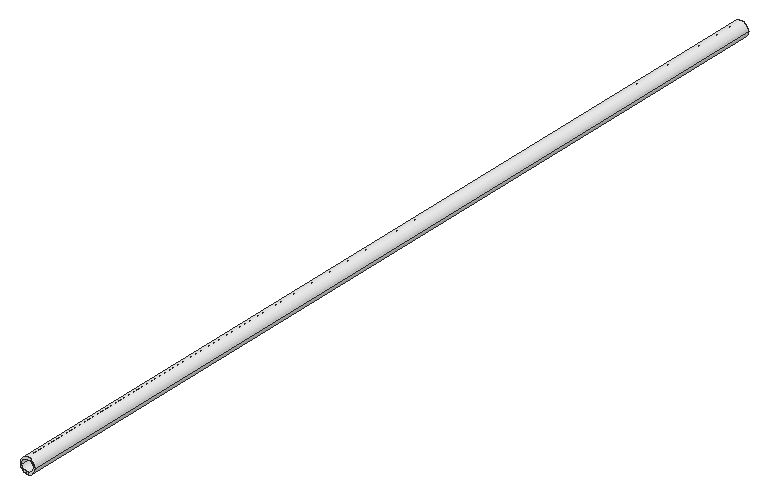
Revit family "111014001025001", category Modelos genéricos, Revit 2018
Family settings
  Puede alojar armadura = No
  Cota de conector redondo = Diámetro de uso
  Tipo de pieza = Normal
  Se basa en plano de trabajo = No
  Siempre vertical = No
  Corte con vacíos al cargar = No
  Compartido = No
  Punto de cálculo de habitación = No
Parameters (values of type "BARRA BANO PP C/ACERO 1" BLANCO TIRA 1.5MT")
  Ventajas = ""
  Uso = "Se instala en los baños para colgar la cortina de las duchas.\r\nEn el caso de ser instalado en el closet, se utiliza para colgar la ropa"
  Unidad = "Tira 1.50 mts."
  URL = "https://www.empresascnp.cl/"
  Num SKUs = "111014001025001"
  Nombre SKU = "BARRA BANO PP C/ACERO 1\" BLANCO TIRA 1.5MT"
  Modelo = "BARRA BANO PP C/ACERO 1\""
  Material = PP con acero blanco
  Url Ficha tecnica = "https://empresascnp.cl/wp-content/uploads//pdf/ficha-tecnica-barra-bano-pp-c-acero-1-blanco-tira-1-2mt.pdf"
  Largo = 1500.00 mm
  Espesor = 0.00 mm
  Empresa = "CNP SPA."
  Dureza = ""
  Dimension = 23.00 mm
  Description = ""
  Contacto = "info@empresascnp.cl"
  Color = "Blanco o Café"
  Aplicacion = "Barra de  cortina para baños y uso en closet."
Reference planes
  plane 1 "Center F/B": y = 0
  plane 2: z = 0
  plane 3 "Center L/R": x = 0
  plane 4: z = 23
  plane 5 "2": y = 750
  plane 6 "3": y = -750
Forms (mm)
  Extrusion 1, solid, material "PP con acero blanco" <- "Material"
    sketch origin (0, 0, 0) x (1, 0, 0) y (0, 0, 1)
      loop
        circle (0, 25.4) r 12.7
      loop
        circle (0, 25.4) r 9.7
    from -750 to 750
Dimensions and locks
  "Dimension": plane 4 to level
  equal spacing: plane 6 "3", plane 1 "Center F/B", plane 5 "2"
  "Largo": plane 6 "3" to plane 5 "2"
  radius of Extrusion 1 sketch curve = 12.70 mm
  aligned and locked: plane 6 "3" to Extrusion 1
  aligned and locked: Extrusion 1 to plane 5 "2"
Automatic sketch dimensions
  Extrusion 1 sketch curve to plane 3 "Center L/R" = 0.00 mm
  level to Extrusion 1 sketch curve = 25.40 mm
  Extrusion 1 sketch curve to Extrusion 1 sketch curve = 0.00 mm  (x2)
  radius of Extrusion 1 sketch curve = 12.70 mm
  radius of Extrusion 1 sketch curve = 9.70 mm
